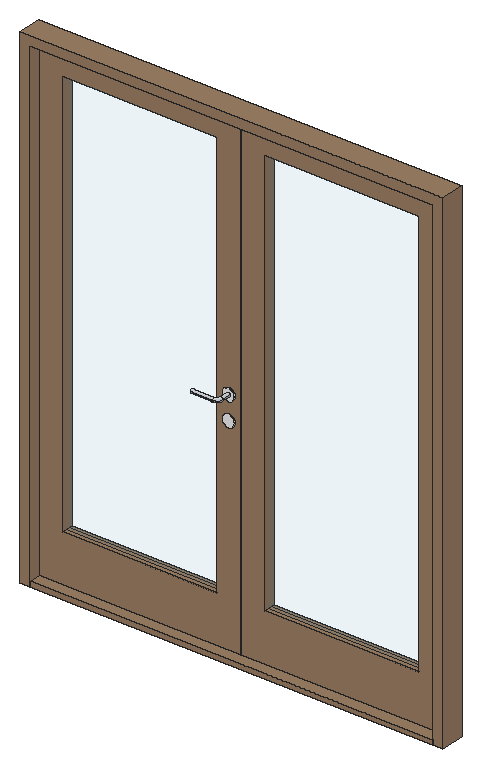
Revit family "EU_OD-Double-Glass", category Doors, host Wall, Revit 2014
Parameters (values of type "18x21")
  Type Name (in Project) = "Sett inn typenr (D1)"
  Threshold = EU_General Wood
  Structural tolerance Top [instance] = 10 mm
  Structural tolerance Right [instance] = 10 mm
  Structural tolerance Left [instance] = 10 mm
  Structural tolerance Bottom [instance] = 10 mm
  Sash Thickness = 40 mm
  Sash Depth = 100 mm
  Safety Class = ""
  Rough Width = Width / 100  # 18.1 mm
  Rough Height = Height / 100  # 21.1 mm
  Room Number [instance] = ""
  Position within wall [instance] = 125 mm
  Instance Number [instance] = ""
  Frame = EU_General Wood
  Insulating Property = ""
  Glass = EU_Glass
  Function = Interior
  Height = 2110 mm
  Wall Closure = By host
  Width = 1810 mm
  Doornob = EU_Steel
  Doorleaf = EU_General Wood
  Doorleaf Thickness = 50 mm
  Doorleaf Dim Top = 100 mm
  Doorleaf Dim Right = 100 mm
  Doorleaf Dim Left = 100 mm
  Doorleaf Dim Bottom = 200 mm
  Door Width [instance] = (Width - Structural tolerance Left - Structural tolerance Right)  # 1790 mm
  Door Height [instance] = (Height - Structural tolerance Top - Structural tolerance Bottom)  # 2090 mm
  Assembly Code = ""
  Acoustic Raiting = ""
Reference planes
  plane 1: y = 30
  plane 2 "Center (Left/Right)": x = 0
  plane 3 "Left": x = -905
  plane 4 "Right": x = 905
  plane 5: z = 2110
  plane 6 "Exterior": y = 105
  plane 7 "Interior": y = -45
  plane 8 "Haadtak H": z = 1000
  plane 9 "Innsetning dør": y = 80
Forms (mm)
  Sweep 1, solid, material "EU_General Wood" <- "Frame"
    path origin (0, 105, 0) x (1, 0, 0) y (0, 0, 1)
      loop
        line (895, 10) -> (895, 2100) -> (-895, 2100) -> (-895, 10)
    profile origin (895, 105, 1055) x (-1, 0, 0) y (0, -1, 0)
      loop
        line (0, 25) -> (40, 25) -> (40, 125) -> (0, 125) -> (0, 25)
  Extrusion 2, solid, material "EU_General Wood" <- "Threshold"
    sketch origin (905, 0, 10) x (0, -1, 0) y (0, 0, 1)
      loop
        line (20, 0) -> (20, 20) -> (-80, 20) -> (-80, 0) -> (20, 0)
    from 50 to 1760
  Extrusion 3, solid, material "EU_General Wood" <- "Doorleaf"
    sketch origin (905, 0, 0) x (0, -1, 0) y (0, 0, 1)
      loop
        line (-80, 30) -> (-30, 30) -> (-30, 2060) -> (-80, 2060) -> (-80, 30)
    from 905 to 1760
  Extrusion 4, solid, material "EU_Steel" <- "Doornob"
    sketch origin (32.2, 105, 2.009) x (1, 0, 0) y (0, 0, 1)
      loop
        circle (-82.229, 997.991) r 25
    from 25 to 22
  Extrusion 5, solid, material "EU_Steel" <- "Doornob"
    sketch origin (2.2, 105, -97.991) x (1, 0, 0) y (0, 0, 1)
      loop
        circle (-52.229, 997.991) r 25
    from 22 to 25
  Extrusion 6, solid, material "EU_Steel" <- "Doornob"
    sketch origin (32.2, 35, 2.009) x (1, 0, 0) y (0, 0, -1)
      loop
        circle (-82.229, -997.991) r 25
    from -5 to -8
  Extrusion 7, solid, material "EU_Steel" <- "Doornob"
    sketch origin (32.2, 35, -97.991) x (1, 0, 0) y (0, 0, -1)
      loop
        circle (-82.229, -997.991) r 25
    from -5 to -8
  Sweep 8, solid
    path origin (0, 0, 1000) x (0, -1, 0) y (1, 0, 0)
      loop
        line (-83, -50) -> (-123, -50)
        arc (-123, -50) -> (-133.607, -54.393) -> (-138, -65) r 15
        line (-138, -65) -> (-138, -160)
    profile origin (-50, 103, 1000) x (-1, 0, 0) y (0, 0, 1)
      loop
        circle (0, 0) r 7.5
  Sweep 9, solid
    path origin (0, 0, 1000) x (0, -1, 0) y (1, 0, 0)
      loop
        line (-27, -50) -> (13, -50)
        arc (13, -50) -> (23.607, -54.393) -> (28, -65) r 15
        line (28, -65) -> (28, -160)
    profile origin (-50, 7, 1000) x (1, 0, 0) y (0, 0, 1)
      loop
        circle (0, 0) r 7.5
  Extrusion 10, void
    sketch origin (0, 80, 0) x (-1, 0, 0) y (0, 0, 1)
      loop
        line (755, 1960) -> (100, 1960) -> (100, 230) -> (755, 230) -> (755, 1960)
    from 0 to -50
  Extrusion 11, solid, material "EU_Glass" <- "Glass"
    sketch origin (0, 80, 0) x (-1, 0, 0) y (0, 0, 1)
      loop
        line (755, 230) -> (755, 1960) -> (100, 1960) -> (100, 230) -> (755, 230)
    from -33.333 to -16.667
  Extrusion 12, solid, material "EU_General Wood" <- "Doorleaf"
    sketch origin (0, 0, 0) x (0, 1, 0) y (0, 0, 1)
      loop
        line (30, 30) -> (80, 30) -> (80, 2060) -> (30, 2060) -> (30, 30)
    from 0 to 855
  Extrusion 13, solid, material "EU_Glass" <- "Glass"
    sketch origin (320.948, 0, 0) x (0, 1, 0) y (0, 0, 1)
      loop
        line (46.667, 230) -> (63.333, 230) -> (63.333, 1960) -> (46.667, 1960) -> (46.667, 230)
    from -220.948 to 534.052
  Extrusion 14, void
    sketch origin (0, 105, 0) x (1, 0, 0) y (0, 0, 1)
      loop
        line (755, 1960) -> (100, 1960) -> (100, 230) -> (755, 230) -> (755, 1960)
    from 25 to 75
Cuts and joins
  Extrusion 10 cuts Extrusion 3
  Extrusion 14 cuts Extrusion 12
Lines and regions (mm)
  Opening 1
    outline origin (-3050, -45, 0) x (1, 0, 0) y (0, 0, 1)
      loop
        line (2145, 0) -> (3955, 0) -> (3955, 2110) -> (2145, 2110) -> (2145, 0)
  symbolic lines, detail levels coarse+medium
    curve 1: line (-905, 106.875, 0) -> (-905, 985, 0)
  symbolic lines, style "DoorsFrameMullionProjection", detail levels fine
    curve 2: line (-895, -20, 0) -> (-855, -20, 0)
    curve 3: line (-895, 80, 0) -> (-895, -20, 0)
    curve 4: line (-855, 80, 0) -> (-895, 80, 0)
    curve 5: line (-855, -20, 0) -> (-855, 80, 0)
    curve 7: line (855, -20, 0) -> (895, -20, 0)
    curve 8: line (855, 80, 0) -> (855, -20, 0)
    curve 9: line (895, 80, 0) -> (855, 80, 0)
    curve 10: line (895, -20, 0) -> (895, 80, 0)
  symbolic lines, style "Plan Swing", detail levels fine
    curve 6: line (-855, 80, 0) -> (-855, 935, 0)
    curve 11: arc (0, 80, 0) -> (-250.424, 684.576, 0) -> (-855, 935, 0) r 855
    curve 12: arc (0, 80, 0) -> (250.424, 684.576, 0) -> (855, 935, 0) r 855
    curve 13: line (855, 80, 0) -> (855, 935, 0)
  symbolic lines, style "Plan Swing", detail levels coarse+medium
    curve 14: arc (0, 80, 0) -> (-265.068, 719.932, 0) -> (-905, 985, 0) r 905
    curve 15: arc (0, 80, 0) -> (265.021, 720.208, 0) -> (905, 985.781, 0) r 905.781
    curve 16: line (905, 105, 0) -> (905, 985.781, 0)
Text (mm)
  text "Exterior" at (-2295.016, 1099.543, 0), in view "Ref. Level"
  text "Exterior" at (0, 1615.38, 3698.081), in view "Left"
  text "Exterior" at (0, 1036.032, 3874.932), in view "Right"
Dimensions and locks
  equal spacing: plane 3 "Left", plane 2 "Center (Left/Right)", plane 4 "Right"
  "Width": plane 3 "Left" to plane 4 "Right"
  "Height": plane 5 to host wall
  host wall to plane 5 = 2110 mm  (x2)
  locked: plane 6 "Exterior" to host wall at 0
  locked: plane 7 "Interior" to host wall
  "Structural tolerance Left": Sweep 1 sketch curve to plane 4 "Right"
  "Structural tolerance Right": Sweep 1 sketch curve to plane 3 "Left"
  "Structural tolerance Top": Sweep 1 sketch curve to plane 5
  "Structural tolerance Bottom": level to Sweep 1 sketch curve  (x2)
  "Sash Depth": Sweep 1 sketch curve to Sweep 1 sketch curve
  "Sash Thickness": Sweep 1 sketch curve to Sweep 1 sketch curve
  "Structural tolerance Bottom": level to Extrusion 2
  locked: Extrusion 2 to Sweep 1 at 20
  level to Extrusion 4 = 1000 mm
  locked: Extrusion 6 to Extrusion 3 at 3
  locked: Sweep 1 to Extrusion 4 at 3
  locked: Extrusion 7 to Extrusion 3 at 3
  Sweep 1 to Extrusion 5 = 0 mm
  "Position within wall": plane 9 "Innsetning dør" to plane 7 "Interior"
  "Doorleaf Thickness": Extrusion 3 to Extrusion 3
  Sweep 8 sketch curve to plane 9 "Innsetning dør" = 58 mm
  Extrusion 3 to Sweep 9 sketch curve = 58 mm
  "Doorleaf Dim Right": Extrusion 10 sketch curve to Sweep 1
  "Doorleaf Dim Top": Sweep 1 to Extrusion 10 sketch curve
  "Doorleaf Dim Bottom": Extrusion 10 sketch curve to Extrusion 2
  equal spacing: cut or joined group of Extrusion 3, Extrusion 10, Extrusion 11, Extrusion 11, cut or joined group of Extrusion 3, Extrusion 10
  "Doorleaf Dim Left": cut or joined group of Extrusion 3, Extrusion 10 to Extrusion 10 sketch curve
  cut or joined group of Extrusion 3, Extrusion 10 to Extrusion 5 sketch curve = 75.029 mm
  cut or joined group of Extrusion 3, Extrusion 10 to Extrusion 7 sketch curve = 75.029 mm
  cut or joined group of Extrusion 3, Extrusion 10 to Extrusion 6 sketch curve = 75.029 mm
  cut or joined group of Extrusion 3, Extrusion 10 to Extrusion 4 sketch curve = 75.029 mm
  Sweep 8 sketch curve to cut or joined group of Extrusion 3, Extrusion 10 = 50 mm
  Sweep 9 sketch curve to cut or joined group of Extrusion 3, Extrusion 10 = 50 mm
  "Doorleaf Dim Left": Extrusion 14 sketch curve to Extrusion 12
  "Doorleaf Dim Right": Extrusion 14 sketch curve to Extrusion 12
  "Doorleaf Dim Top": Extrusion 14 sketch curve to Extrusion 12
  "Doorleaf Dim Bottom": Extrusion 12 to Extrusion 14 sketch curve
  equal spacing: cut or joined group of Extrusion 12, Extrusion 14, Extrusion 13, Extrusion 13, cut or joined group of Extrusion 12, Extrusion 14
  aligned and locked: plane 3 "Left" to Opening 1 sketch curve
  aligned and locked: plane 5 to Opening 1 sketch curve  (x2)
  aligned and locked: Opening 1 sketch curve to plane 4 "Right"
  aligned and locked: Opening 1 sketch curve to level
  aligned and locked: plane 1 to host wall
  aligned and locked: Extrusion 2 to Sweep 1  (x2)
  aligned and locked: Extrusion 2 to Extrusion 3 sketch curve
  aligned and locked: Extrusion 3 sketch curve to Extrusion 2
  aligned and locked: Extrusion 3 sketch curve to Sweep 1
  aligned and locked: Extrusion 3 to Sweep 1
  aligned and locked: Sweep 1 to curve 2
  aligned and locked: curve 2 to Sweep 1
  aligned and locked: curve 5 to Extrusion 2
  aligned and locked: curve 5 to Sweep 1
  aligned and locked: Sweep 1 to curve 7
  aligned and locked: curve 10 to Sweep 1  (x2)
  aligned and locked: plane 9 "Innsetning dør" to Extrusion 3
  aligned and locked: Sweep 1 to Extrusion 2
  aligned and locked: Sweep 1 to plane 9 "Innsetning dør"
  aligned and locked: Extrusion 6 to Extrusion 3
  aligned and locked: Extrusion 7 to Extrusion 3
  aligned and locked: Extrusion 5 to Extrusion 2
  aligned and locked: Extrusion 4 to Extrusion 5
  aligned and locked: Extrusion 4 to Sweep 1
  aligned and locked: Extrusion 6 to Sweep 9 sketch curve
  aligned and locked: cut or joined group of Extrusion 3, Extrusion 10 to Extrusion 11  (x2)
  aligned and locked: cut or joined group of Extrusion 3, Extrusion 10 to Extrusion 12 sketch curve
  aligned and locked: Extrusion 12 sketch curve to cut or joined group of Extrusion 3, Extrusion 10  (x2)
  aligned and locked: Sweep 1 to Extrusion 12 sketch curve
  aligned and locked: Extrusion 12 to cut or joined group of Extrusion 3, Extrusion 10
  aligned and locked: Sweep 1 to Extrusion 14
  aligned and locked: Extrusion 14 to Extrusion 6
  aligned and locked: cut or joined group of Extrusion 3, Extrusion 10 to Extrusion 13
  aligned and locked: Extrusion 13 to cut or joined group of Extrusion 3, Extrusion 10
  aligned and locked: Extrusion 13 to cut or joined group of Extrusion 12, Extrusion 14
  aligned: Extrusion 13 to cut or joined group of Extrusion 12, Extrusion 14
  aligned: Extrusion 12 to Sweep 1
  aligned and locked: Extrusion 3 to Extrusion 10
  aligned and locked: Extrusion 11 to cut or joined group of Extrusion 3, Extrusion 10
  aligned and locked: cut or joined group of Extrusion 12, Extrusion 14 to plane 2 "Center (Left/Right)"
  aligned and locked: cut or joined group of Extrusion 12, Extrusion 14 to Sweep 1
Automatic sketch dimensions
  Sweep 1 sketch curve to profile plane = 0 mm
  plane 6 "Exterior" to Sweep 1 sketch curve = 25 mm
  Extrusion 2 sketch curve to plane 9 "Innsetning dør" = 0 mm
  Extrusion 2 sketch curve to host wall = 25 mm
  level to Extrusion 2 sketch curve = 10 mm
  Extrusion 2 sketch curve to Extrusion 2 sketch curve = 20 mm
  host wall to Extrusion 3 sketch curve = 0 mm
  plane 9 "Innsetning dør" to Sweep 8 sketch curve = 3 mm
  Sweep 8 sketch curve to Sweep 8 sketch curve = 95 mm
  Sweep 8 sketch curve to plane 8 "Haadtak H" = 0 mm
  Sweep 8 sketch curve to profile plane = 0 mm
  Extrusion 5 sketch curve to plane 8 "Haadtak H" = 100 mm
  Extrusion 4 sketch curve to plane 8 "Haadtak H" = 0 mm
  Extrusion 6 sketch curve to plane 8 "Haadtak H" = 0 mm
  Sweep 9 sketch curve to Sweep 9 sketch curve = 95 mm
  Sweep 9 sketch curve to plane 8 "Haadtak H" = 0 mm
  Sweep 9 sketch curve to profile plane = 0 mm
  Extrusion 7 sketch curve to plane 8 "Haadtak H" = 100 mm
  Extrusion 11 sketch curve to plane 2 "Center (Left/Right)" = 755 mm
  Extrusion 11 sketch curve to plane 8 "Haadtak H" = 770 mm
  plane 5 to Extrusion 11 sketch curve = 150 mm
  Sweep 8 sketch curve to Sweep 8 sketch curve = 15 mm
  Extrusion 11 sketch curve to plane 2 "Center (Left/Right)" = 100 mm
  Sweep 9 sketch curve to Sweep 9 sketch curve = 15 mm
  Extrusion 13 sketch curve to host wall = 16.667 mm
  Extrusion 13 sketch curve to Extrusion 13 sketch curve = 16.667 mm
  Extrusion 13 sketch curve to plane 8 "Haadtak H" = 770 mm
  plane 8 "Haadtak H" to Extrusion 13 sketch curve = 960 mm
  curve 1 to plane 3 "Left" = 0 mm
  curve 14 to plane 9 "Innsetning dør" = 0 mm
  curve 12 to plane 9 "Innsetning dør" = 0 mm
  curve 15 to plane 4 "Right" = 0 mm
  curve 16 to host wall = 0 mm
  curve 14 to curve 11 = 0 mm
  curve 15 to curve 14 = 0 mm
  curve 12 to curve 14 = 0 mm
  curve 13 to curve 9 = 40 mm
  curve 15 to plane 4 "Right" = 0.781 mm
  host wall to curve 1 = 1.875 mm
  curve 14 to plane 2 "Center (Left/Right)" = 0 mm
  radius of Sweep 8 sketch curve = 7.5 mm
  radius of Extrusion 4 sketch curve = 25 mm
  radius of Extrusion 6 sketch curve = 25 mm
  radius of Sweep 9 sketch curve = 7.5 mm
  radius of Extrusion 7 sketch curve = 25 mm
  radius of Extrusion 5 sketch curve = 25 mm
